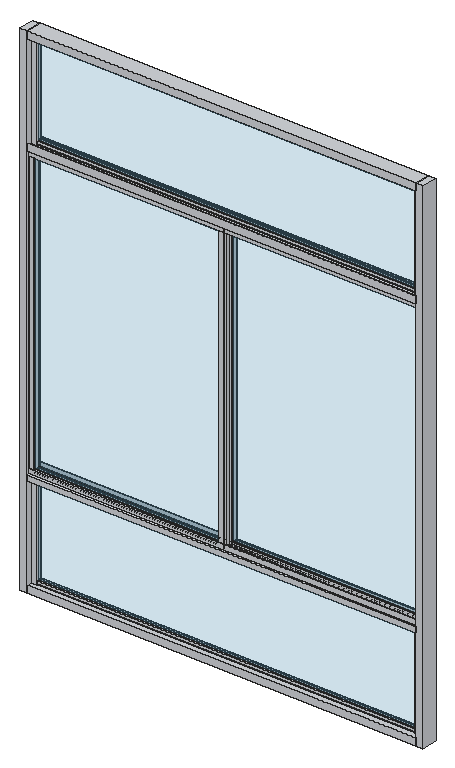
Revit family "MT-VMS_DB-SG_OX WITH HIGHTLITE-LOWLITE", category Windows, host Wall, Revit 2017 (continued)
Definition of nested family "VMS_DB-SG_OX_LOWLITE-HIGHLITE_101mm"
  Definition of nested family "VMS_DB-SG_GLAZED PANEL"
    Definition of nested family "VM62_DOUBLE GLAZE RAIL"
      Lines and regions (mm)
        detail lines, in view "Ref. Level"
          curve 83: line (13.126, -12.64, 0) -> (13.831, -12.64, 0)
          curve 84: line (13.831, -13.45, 0) -> (5.541, -13.45, 0)
          curve 85: line (5.329, -13.362, 0) -> (3.739, -11.772, 0)
          curve 86: line (4.703, -10.803, 0) -> (5.325, -10.775, 0)
          curve 87: line (5.325, -10.775, 0) -> (5.353, -10.153, 0)
          curve 88: line (5.525, -9.46, 0) -> (5.811, -8.965, 0)
          curve 89: line (5.811, -8.965, 0) -> (5.316, -8.679, 0)
          curve 90: line (4.771, -8.134, 0) -> (4.485, -7.639, 0)
          curve 91: line (4.485, -7.639, 0) -> (3.99, -7.925, 0)
          curve 92: line (3.297, -8.097, 0) -> (2.675, -8.125, 0)
          curve 93: line (2.675, -8.125, 0) -> (2.647, -8.747, 0)
          curve 94: line (1.678, -9.711, 0) -> (0.088, -8.121, 0)
          curve 95: line (0, -7.909, 0) -> (0, 7.909, 0)
          curve 96: line (0.088, 8.121, 0) -> (1.678, 9.711, 0)
          curve 97: line (2.647, 8.747, 0) -> (2.675, 8.125, 0)
          curve 98: line (2.675, 8.125, 0) -> (3.297, 8.097, 0)
          curve 99: line (3.99, 7.925, 0) -> (4.485, 7.639, 0)
          curve 100: line (4.485, 7.639, 0) -> (4.771, 8.134, 0)
          curve 101: line (5.316, 8.679, 0) -> (5.811, 8.965, 0)
          curve 102: line (5.811, 8.965, 0) -> (5.525, 9.46, 0)
          curve 103: line (5.353, 10.153, 0) -> (5.325, 10.775, 0)
          curve 104: line (5.325, 10.775, 0) -> (4.703, 10.803, 0)
          curve 105: line (3.739, 11.772, 0) -> (5.329, 13.362, 0)
          curve 106: line (5.541, 13.45, 0) -> (13.831, 13.45, 0)
    Definition of nested family "VMS_V3_SGL_FINE"
      Reference planes
        plane 1 "Center (Front/Back)": y = 0
        plane 2: z = 0
        plane 3 "Center (Left/Right)": x = 0
      Lines and regions (mm)
        model lines, in view "Ref. Level"
          curve 1: arc (27.114, -24.15, 0) -> (27.68, -23.916, 0) -> (27.914, -23.35, 0) r 0.8
          curve 2: arc (27.914, -20.411, 0) -> (27.839, -20.177, 0) -> (27.641, -20.031, 0) r 0.4
          curve 3: arc (26.677, -19.71, 0) -> (26.497, -19.738, 0) -> (26.414, -19.9, 0) r 0.2
          curve 4: arc (25.177, -19.71, 0) -> (24.997, -19.738, 0) -> (24.914, -19.9, 0) r 0.2
          curve 5: arc (23.677, -19.71, 0) -> (23.497, -19.738, 0) -> (23.414, -19.9, 0) r 0.2
          curve 6: arc (22.177, -19.71, 0) -> (21.997, -19.738, 0) -> (21.914, -19.9, 0) r 0.2
          curve 7: arc (21.914, -20.538, 0) -> (21.971, -20.713, 0) -> (22.119, -20.822, 0) r 0.3
          curve 8: arc (23.009, -21.119, 0) -> (23.157, -21.228, 0) -> (23.214, -21.404, 0) r 0.3
          curve 9: arc (23.214, -22.15, 0) -> (23.126, -22.362, 0) -> (22.914, -22.45, 0) r 0.3
          curve 10: arc (14.214, -22.45, 0) -> (14.002, -22.362, 0) -> (13.914, -22.15, 0) r 0.3
          curve 11: arc (13.914, -14.116, 0) -> (13.884, -13.963, 0) -> (13.797, -13.833, 0) r 0.4
          curve 12: arc (13.797, -13.067, 0) -> (13.884, -12.937, 0) -> (13.914, -12.784, 0) r 0.4
          curve 13: arc (13.914, -2.069, 0) -> (14.079, -1.801, 0) -> (14.392, -1.827, 0) r 0.3
          curve 14: arc (14.392, -1.827, 0) -> (20.069, -3.194, 0) -> (25.644, -1.459, 0) r 10.984
          curve 15: arc (25.644, -1.459, 0) -> (26.154, -1.441, 0) -> (26.414, -1.879, 0) r 0.5
          curve 16: arc (26.414, -5.1, 0) -> (26.326, -5.312, 0) -> (26.114, -5.4, 0) r 0.3
          curve 17: arc (22.119, -6.078, 0) -> (21.971, -6.187, 0) -> (21.914, -6.362, 0) r 0.3
          curve 18: arc (21.914, -7, 0) -> (21.997, -7.162, 0) -> (22.177, -7.19, 0) r 0.2
          curve 19: arc (23.414, -7, 0) -> (23.497, -7.162, 0) -> (23.677, -7.19, 0) r 0.2
          curve 20: arc (24.914, -7, 0) -> (24.997, -7.162, 0) -> (25.177, -7.19, 0) r 0.2
          curve 21: arc (26.414, -7, 0) -> (26.497, -7.162, 0) -> (26.677, -7.19, 0) r 0.2
          curve 22: arc (27.641, -6.869, 0) -> (27.839, -6.723, 0) -> (27.914, -6.489, 0) r 0.4
          curve 23: arc (27.914, -0.8, 0) -> (27.68, -0.234, 0) -> (27.114, 0, 0) r 0.8
          curve 24: arc (25.737, 0, 0) -> (25.642, -0.015, 0) -> (25.558, -0.06, 0) r 0.3
          curve 25: arc (25.558, -0.06, 0) -> (19.709, -2, 0) -> (13.86, -0.06, 0) r 9.784
          curve 26: arc (13.86, -0.06, 0) -> (13.776, -0.015, 0) -> (13.681, 0, 0) r 0.3
          curve 27: arc (0.5, 0, 0) -> (0.146, -0.146, 0) -> (0, -0.5, 0) r 0.5
          curve 28: arc (0, -3, 0) -> (0.088, -3.212, 0) -> (0.3, -3.3, 0) r 0.3
          curve 29: arc (0.9, -3.3, 0) -> (1.112, -3.212, 0) -> (1.2, -3, 0) r 0.3
          curve 30: arc (1.2, -1.5, 0) -> (1.288, -1.288, 0) -> (1.5, -1.2, 0) r 0.3
          curve 31: arc (4.7, -1.2, 0) -> (4.912, -1.288, 0) -> (5, -1.5, 0) r 0.3
          curve 32: arc (5, -10.176, 0) -> (4.912, -10.388, 0) -> (4.7, -10.476, 0) r 0.3
          curve 33: arc (3.6, -10.476, 0) -> (3.388, -10.388, 0) -> (3.3, -10.176, 0) r 0.3
          curve 34: arc (3.3, -9.692, 0) -> (3.212, -9.48, 0) -> (3, -9.392, 0) r 0.3
          curve 35: arc (1.5, -9.392, 0) -> (1.288, -9.304, 0) -> (1.2, -9.092, 0) r 0.3
          curve 36: arc (1.2, -7.692, 0) -> (1.112, -7.48, 0) -> (0.9, -7.392, 0) r 0.3
          curve 37: arc (0.3, -7.392, 0) -> (0.088, -7.48, 0) -> (0, -7.692, 0) r 0.3
          curve 38: arc (0, -11.552, 0) -> (0.4, -11.952, 0) -> (0.8, -11.552, 0) r 0.4
          curve 39: arc (2.1, -11.652, 0) -> (2.188, -11.864, 0) -> (2.4, -11.952, 0) r 0.3
          curve 40: arc (2.4, -14.952, 0) -> (2.188, -15.04, 0) -> (2.1, -15.252, 0) r 0.3
          curve 41: arc (0.8, -15.352, 0) -> (0.4, -14.952, 0) -> (0, -15.352, 0) r 0.4
          curve 42: arc (0, -19.208, 0) -> (0.088, -19.42, 0) -> (0.3, -19.508, 0) r 0.3
          curve 43: arc (0.9, -19.508, 0) -> (1.112, -19.42, 0) -> (1.2, -19.208, 0) r 0.3
          curve 44: arc (1.2, -17.808, 0) -> (1.288, -17.596, 0) -> (1.5, -17.508, 0) r 0.3
          curve 45: arc (3, -17.508, 0) -> (3.212, -17.42, 0) -> (3.3, -17.208, 0) r 0.3
          curve 46: arc (3.3, -16.724, 0) -> (3.388, -16.512, 0) -> (3.6, -16.424, 0) r 0.3
          curve 47: arc (4.7, -16.424, 0) -> (4.912, -16.512, 0) -> (5, -16.724, 0) r 0.3
          curve 48: arc (5, -23.3, 0) -> (4.912, -23.512, 0) -> (4.7, -23.6, 0) r 0.3
          curve 49: arc (0.3, -23.6, 0) -> (0.088, -23.688, 0) -> (0, -23.9, 0) r 0.3
          curve 50: arc (0, -26.4, 0) -> (0.146, -26.754, 0) -> (0.5, -26.9, 0) r 0.5
          curve 51: arc (2.102, -26.9, 0) -> (2.385, -26.783, 0) -> (2.502, -26.5, 0) r 0.4
          curve 52: arc (2.502, -26.5, 0) -> (2.385, -26.217, 0) -> (2.102, -26.1, 0) r 0.4
          curve 53: arc (5.902, -26.1, 0) -> (5.619, -26.217, 0) -> (5.502, -26.5, 0) r 0.4
          curve 54: arc (5.502, -26.5, 0) -> (5.619, -26.783, 0) -> (5.902, -26.9, 0) r 0.4
          curve 55: arc (21, -26.9, 0) -> (21.4, -26.52, 0) -> (21.039, -26.102, 0) r 0.4
          curve 56: arc (14.365, -25.441, 0) -> (14.043, -25.279, 0) -> (13.914, -24.944, 0) r 0.5
          curve 57: arc (13.914, -24.65, 0) -> (14.207, -23.943, 0) -> (14.914, -23.65, 0) r 1
          curve 58: arc (8.4, -25.7, 0) -> (8.259, -25.641, 0) -> (8.2, -25.5, 0) r 0.2
          curve 59: arc (8.2, -23.8, 0) -> (8.141, -23.659, 0) -> (8, -23.6, 0) r 0.2
          curve 60: arc (6.5, -23.6, 0) -> (6.288, -23.512, 0) -> (6.2, -23.3, 0) r 0.3
          curve 61: arc (6.2, -16.639, 0) -> (6.261, -16.458, 0) -> (6.419, -16.35, 0) r 0.3
          curve 62: arc (6.419, -16.35, 0) -> (6.899, -16.169, 0) -> (7.342, -15.909, 0) r 3.014
          curve 63: arc (7.342, -15.909, 0) -> (7.404, -15.838, 0) -> (7.426, -15.746, 0) r 0.2
          curve 64: arc (7.426, -14.908, 0) -> (7.145, -14.479, 0) -> (6.64, -14.566, 0) r 0.468
          curve 65: arc (6.64, -14.566, 0) -> (6.369, -14.767, 0) -> (6.06, -14.904, 0) r 1.525
          curve 66: arc (5.14, -14.904, 0) -> (4.813, -14.756, 0) -> (4.529, -14.535, 0) r 1.525
          curve 67: arc (4.124, -13.835, 0) -> (4.075, -13.45, 0) -> (4.124, -13.065, 0) r 1.525
          curve 68: arc (4.529, -12.365, 0) -> (4.813, -12.144, 0) -> (5.14, -11.996, 0) r 1.525
          curve 69: arc (6.06, -11.996, 0) -> (6.369, -12.133, 0) -> (6.64, -12.334, 0) r 1.525
          curve 70: arc (6.64, -12.334, 0) -> (7.145, -12.421, 0) -> (7.426, -11.992, 0) r 0.468
          curve 71: arc (7.426, -11.154, 0) -> (7.404, -11.062, 0) -> (7.342, -10.991, 0) r 0.2
          curve 72: arc (7.342, -10.991, 0) -> (6.899, -10.731, 0) -> (6.419, -10.55, 0) r 3.014
          curve 73: arc (6.419, -10.55, 0) -> (6.261, -10.442, 0) -> (6.2, -10.261, 0) r 0.3
          curve 74: arc (6.2, -1.5, 0) -> (6.288, -1.288, 0) -> (6.5, -1.2, 0) r 0.3
          curve 75: arc (12.312, -1.2, 0) -> (12.453, -1.259, 0) -> (12.512, -1.4, 0) r 0.2
          curve 76: arc (12.512, -25.5, 0) -> (12.453, -25.641, 0) -> (12.312, -25.7, 0) r 0.2
          curve 77: line (14.914, -23.65, 0) -> (23.214, -23.65, 0)
          curve 78: line (23.214, -23.65, 0) -> (25.029, -24.136, 0)
          curve 79: line (25.029, -24.136, 0) -> (27.114, -24.15, 0)
          curve 80: line (27.914, -23.35, 0) -> (27.914, -20.411, 0)
          curve 81: line (27.641, -20.031, 0) -> (26.677, -19.71, 0)
          curve 82: line (26.414, -19.9, 0) -> (26.414, -20.123, 0)
          curve 83: line (26.414, -20.123, 0) -> (25.177, -19.71, 0)
          curve 84: line (24.914, -19.9, 0) -> (24.914, -20.123, 0)
          curve 85: line (24.914, -20.123, 0) -> (23.677, -19.71, 0)
          curve 86: line (23.414, -19.9, 0) -> (23.414, -20.123, 0)
          curve 87: line (23.414, -20.123, 0) -> (22.177, -19.71, 0)
          curve 88: line (21.914, -19.9, 0) -> (21.914, -20.538, 0)
          curve 89: line (22.119, -20.822, 0) -> (23.009, -21.119, 0)
          curve 90: line (23.214, -21.404, 0) -> (23.214, -22.15, 0)
          curve 91: line (22.914, -22.45, 0) -> (14.214, -22.45, 0)
          curve 92: line (13.914, -22.15, 0) -> (13.914, -14.116, 0)
          curve 93: line (13.797, -13.833, 0) -> (13.414, -13.45, 0)
          curve 94: line (13.414, -13.45, 0) -> (13.797, -13.067, 0)
          curve 95: line (13.914, -12.784, 0) -> (13.914, -2.069, 0)
          curve 96: line (26.414, -1.879, 0) -> (26.414, -5.1, 0)
          curve 97: line (26.114, -5.4, 0) -> (24.2, -5.4, 0)
          curve 98: line (24.2, -5.4, 0) -> (22.119, -6.078, 0)
          curve 99: line (21.914, -6.362, 0) -> (21.914, -7, 0)
          curve 100: line (22.177, -7.19, 0) -> (23.414, -6.777, 0)
          curve 101: line (23.414, -6.777, 0) -> (23.414, -7, 0)
          curve 102: line (23.677, -7.19, 0) -> (24.914, -6.777, 0)
          curve 103: line (24.914, -6.777, 0) -> (24.914, -7, 0)
          curve 104: line (25.177, -7.19, 0) -> (26.414, -6.777, 0)
          curve 105: line (26.414, -6.777, 0) -> (26.414, -7, 0)
          curve 106: line (26.677, -7.19, 0) -> (27.641, -6.869, 0)
          curve 107: line (27.914, -6.489, 0) -> (27.914, -0.8, 0)
          curve 108: line (27.114, 0, 0) -> (25.737, 0, 0)
          curve 109: line (13.681, 0, 0) -> (0.5, 0, 0)
          curve 110: line (0, -0.5, 0) -> (0, -3, 0)
          curve 111: line (0.3, -3.3, 0) -> (0.9, -3.3, 0)
          curve 112: line (1.2, -3, 0) -> (1.2, -1.5, 0)
          curve 113: line (1.5, -1.2, 0) -> (4.7, -1.2, 0)
          curve 114: line (5, -1.5, 0) -> (5, -10.176, 0)
          curve 115: line (4.7, -10.476, 0) -> (3.6, -10.476, 0)
          curve 116: line (3.3, -10.176, 0) -> (3.3, -9.692, 0)
          curve 117: line (3, -9.392, 0) -> (1.5, -9.392, 0)
          curve 118: line (1.2, -9.092, 0) -> (1.2, -7.692, 0)
          curve 119: line (0.9, -7.392, 0) -> (0.3, -7.392, 0)
          curve 120: line (0, -7.692, 0) -> (0, -11.552, 0)
          curve 121: line (0.8, -11.552, 0) -> (0.8, -10.452, 0)
          curve 122: line (0.8, -10.452, 0) -> (2.1, -10.452, 0)
          curve 123: line (2.1, -10.452, 0) -> (2.1, -11.652, 0)
          curve 124: line (2.4, -11.952, 0) -> (2.776, -11.952, 0)
          curve 125: line (2.776, -11.952, 0) -> (2.776, -14.952, 0)
          curve 126: line (2.776, -14.952, 0) -> (2.4, -14.952, 0)
          curve 127: line (2.1, -15.252, 0) -> (2.1, -16.452, 0)
          curve 128: line (2.1, -16.452, 0) -> (0.8, -16.452, 0)
          curve 129: line (0.8, -16.452, 0) -> (0.8, -15.352, 0)
          curve 130: line (0, -15.352, 0) -> (0, -19.208, 0)
          curve 131: line (0.3, -19.508, 0) -> (0.9, -19.508, 0)
          curve 132: line (1.2, -19.208, 0) -> (1.2, -17.808, 0)
          curve 133: line (1.5, -17.508, 0) -> (3, -17.508, 0)
          curve 134: line (3.3, -17.208, 0) -> (3.3, -16.724, 0)
          curve 135: line (3.6, -16.424, 0) -> (4.7, -16.424, 0)
          curve 136: line (5, -16.724, 0) -> (5, -23.3, 0)
          curve 137: line (4.7, -23.6, 0) -> (0.3, -23.6, 0)
          curve 138: line (0, -23.9, 0) -> (0, -26.4, 0)
          curve 139: line (0.5, -26.9, 0) -> (2.102, -26.9, 0)
          curve 140: line (2.102, -26.1, 0) -> (1.002, -26.1, 0)
          curve 141: line (1.002, -26.1, 0) -> (1.002, -24.8, 0)
          curve 142: line (1.002, -24.8, 0) -> (7.002, -24.8, 0)
          curve 143: line (7.002, -24.8, 0) -> (7.002, -26.1, 0)
          curve 144: line (7.002, -26.1, 0) -> (5.902, -26.1, 0)
          curve 145: line (5.902, -26.9, 0) -> (21, -26.9, 0)
          curve 146: line (21.039, -26.102, 0) -> (14.365, -25.441, 0)
          curve 147: line (13.914, -24.944, 0) -> (13.914, -24.65, 0)
          curve 148: line (8.2, -25.5, 0) -> (8.2, -23.8, 0)
          curve 149: line (8, -23.6, 0) -> (6.5, -23.6, 0)
          curve 150: line (6.2, -23.3, 0) -> (6.2, -16.639, 0)
          curve 151: line (7.426, -15.746, 0) -> (7.426, -14.908, 0)
          curve 152: line (6.06, -14.904, 0) -> (5.6, -15.324, 0)
          curve 153: line (5.6, -15.324, 0) -> (5.14, -14.904, 0)
          curve 154: line (4.529, -14.535, 0) -> (3.976, -14.387, 0)
          curve 155: line (3.976, -14.387, 0) -> (4.124, -13.835, 0)
          curve 156: line (4.124, -13.065, 0) -> (3.976, -12.513, 0)
          curve 157: line (3.976, -12.513, 0) -> (4.529, -12.365, 0)
          curve 158: line (5.14, -11.996, 0) -> (5.6, -11.576, 0)
          curve 159: line (5.6, -11.576, 0) -> (6.06, -11.996, 0)
          curve 160: line (7.426, -11.992, 0) -> (7.426, -11.154, 0)
          curve 161: line (6.2, -10.261, 0) -> (6.2, -1.5, 0)
          curve 162: line (6.5, -1.2, 0) -> (12.312, -1.2, 0)
          curve 163: line (12.512, -1.4, 0) -> (12.512, -25.5, 0)
          curve 164: line (12.312, -25.7, 0) -> (8.4, -25.7, 0)
    Definition of nested family "VMS_V3_SGL_MEDIUM"
      Reference planes
        plane 1 "Center (Front/Back)": y = 0
        plane 2: z = 0
        plane 3 "Center (Left/Right)": x = 0
      Lines and regions (mm)
        model lines, in view "Ref. Level"
          curve 1: line (13.914, -23.65, 0) -> (27.914, -23.65, 0)
          curve 2: line (27.914, -23.65, 0) -> (27.914, -22.45, 0)
          curve 3: line (27.914, -22.45, 0) -> (13.914, -22.45, 0)
          curve 4: line (13.914, -22.45, 0) -> (13.914, -1.2, 0)
          curve 5: line (26.414, -1.2, 0) -> (26.414, -5.1, 0)
          curve 6: line (27.914, -6.489, 0) -> (27.914, 0, 0)
          curve 7: line (27.914, 0, 0) -> (0, 0, 0)
          curve 8: line (1.002, -1.2, 0) -> (4.73, -1.2, 0)
          curve 9: line (0, 0, 0) -> (0, -26.9, 0)
          curve 10: line (1.002, -25.7, 0) -> (1.002, -1.2, 0)
          curve 11: line (0, -26.9, 0) -> (21.039, -26.9, 0)
          curve 12: line (21.039, -26.102, 0) -> (13.914, -25.397, 0)
          curve 13: line (13.914, -25.397, 0) -> (13.914, -23.65, 0)
          curve 14: line (13.914, -1.2, 0) -> (26.414, -1.2, 0)
          curve 15: line (12.512, -1.2, 0) -> (12.512, -25.7, 0)
          curve 16: line (12.512, -25.7, 0) -> (6.132, -25.7, 0)
          curve 23: line (6.132, -1.2, 0) -> (12.512, -1.2, 0)
          curve 24: line (4.73, -25.7, 0) -> (1.002, -25.7, 0)
        detail lines, in view "Ref. Level"
          curve 17: line (21.039, -26.102, 0) -> (21.039, -26.9, 0)
          curve 18: line (27.914, -6.489, 0) -> (21.583, -6.489, 0)
          curve 19: line (26.414, -5.1, 0) -> (21.583, -5.1, 0)
          curve 20: line (21.583, -6.489, 0) -> (21.583, -5.1, 0)
          curve 21: line (6.132, -25.7, 0) -> (6.132, -1.2, 0)
          curve 22: line (4.73, -1.2, 0) -> (4.73, -25.7, 0)
    Definition of nested family "VMS_VM64_SILL DETAIL_FINE"
      Reference planes
        plane 1 "Center (Front/Back)": y = 0
        plane 2: z = 0
        plane 3 "Center (Left/Right)": x = 0
      Lines and regions (mm)
        model lines, in view "Ref. Level"
          curve 1: arc (4.124, -13.835, 0) -> (4.075, -13.45, 0) -> (4.124, -13.065, 0) r 1.525
          curve 2: arc (4.529, -12.365, 0) -> (4.813, -12.144, 0) -> (5.14, -11.996, 0) r 1.525
          curve 3: arc (6.06, -11.996, 0) -> (6.369, -12.133, 0) -> (6.64, -12.334, 0) r 1.525
          curve 4: arc (6.64, -12.334, 0) -> (7.145, -12.421, 0) -> (7.426, -11.992, 0) r 0.468
          curve 5: arc (7.426, -11.154, 0) -> (7.404, -11.062, 0) -> (7.342, -10.991, 0) r 0.2
          curve 6: arc (7.342, -10.991, 0) -> (6.899, -10.731, 0) -> (6.419, -10.55, 0) r 3.014
          curve 7: arc (6.419, -10.55, 0) -> (6.261, -10.442, 0) -> (6.2, -10.261, 0) r 0.3
          curve 8: arc (6.2, -1.5, 0) -> (6.288, -1.288, 0) -> (6.5, -1.2, 0) r 0.3
          curve 9: arc (12.312, -1.2, 0) -> (12.453, -1.259, 0) -> (12.512, -1.4, 0) r 0.2
          curve 10: arc (12.512, -25.5, 0) -> (12.453, -25.641, 0) -> (12.312, -25.7, 0) r 0.2
          curve 11: arc (8.4, -25.7, 0) -> (8.259, -25.641, 0) -> (8.2, -25.5, 0) r 0.2
          curve 12: arc (8.2, -23.8, 0) -> (8.141, -23.659, 0) -> (8, -23.6, 0) r 0.2
          curve 13: arc (6.5, -23.6, 0) -> (6.288, -23.512, 0) -> (6.2, -23.3, 0) r 0.3
          curve 14: arc (6.2, -16.639, 0) -> (6.261, -16.458, 0) -> (6.419, -16.35, 0) r 0.3
          curve 15: arc (6.419, -16.35, 0) -> (6.899, -16.169, 0) -> (7.342, -15.909, 0) r 3.014
          curve 16: arc (7.342, -15.909, 0) -> (7.404, -15.838, 0) -> (7.426, -15.746, 0) r 0.2
          curve 17: arc (7.426, -14.908, 0) -> (7.145, -14.479, 0) -> (6.64, -14.566, 0) r 0.468
          curve 18: arc (6.64, -14.566, 0) -> (6.369, -14.767, 0) -> (6.06, -14.904, 0) r 1.525
          curve 19: arc (5.14, -14.904, 0) -> (4.813, -14.756, 0) -> (4.529, -14.535, 0) r 1.525
          curve 20: arc (2.1, -11.652, 0) -> (2.188, -11.864, 0) -> (2.4, -11.952, 0) r 0.3
          curve 21: arc (2.4, -14.952, 0) -> (2.188, -15.04, 0) -> (2.1, -15.252, 0) r 0.3
          curve 22: arc (0.8, -15.352, 0) -> (0.4, -14.952, 0) -> (0, -15.352, 0) r 0.4
          curve 23: arc (0, -19.208, 0) -> (0.088, -19.42, 0) -> (0.3, -19.508, 0) r 0.3
          curve 24: arc (0.9, -19.508, 0) -> (1.112, -19.42, 0) -> (1.2, -19.208, 0) r 0.3
          curve 25: arc (1.2, -17.808, 0) -> (1.288, -17.596, 0) -> (1.5, -17.508, 0) r 0.3
          curve 26: arc (3, -17.508, 0) -> (3.212, -17.42, 0) -> (3.3, -17.208, 0) r 0.3
          curve 27: arc (3.3, -16.724, 0) -> (3.388, -16.512, 0) -> (3.6, -16.424, 0) r 0.3
          curve 28: arc (4.7, -16.424, 0) -> (4.912, -16.512, 0) -> (5, -16.724, 0) r 0.3
          curve 29: arc (5, -23.3, 0) -> (4.912, -23.512, 0) -> (4.7, -23.6, 0) r 0.3
          curve 30: arc (0.3, -23.6, 0) -> (0.088, -23.688, 0) -> (0, -23.9, 0) r 0.3
          curve 31: arc (0, -26.4, 0) -> (0.146, -26.753, 0) -> (0.5, -26.9, 0) r 0.5
          curve 32: arc (2.102, -26.9, 0) -> (2.502, -26.5, 0) -> (2.102, -26.1, 0) r 0.4
          curve 33: arc (5.902, -26.1, 0) -> (5.502, -26.5, 0) -> (5.902, -26.9, 0) r 0.4
          curve 34: arc (19.253, -26.9, 0) -> (19.6, -26.57, 0) -> (19.287, -26.207, 0) r 0.347
          curve 35: arc (16.352, -25.917, 0) -> (16.099, -25.719, 0) -> (16.17, -25.406, 0) r 0.3
          curve 36: arc (16.838, -24.738, 0) -> (16.935, -24.673, 0) -> (17.05, -24.65, 0) r 0.3
          curve 37: arc (27.288, -24.95, 0) -> (27.906, -24.424, 0) -> (27.486, -23.73, 0) r 0.626
          curve 38: arc (26.677, -23.46, 0) -> (26.497, -23.488, 0) -> (26.414, -23.65, 0) r 0.2
          curve 39: arc (25.177, -23.46, 0) -> (24.997, -23.488, 0) -> (24.914, -23.65, 0) r 0.2
          curve 40: arc (23.677, -23.46, 0) -> (23.497, -23.488, 0) -> (23.414, -23.65, 0) r 0.2
          curve 41: arc (16.553, -23.45, 0) -> (16.438, -23.473, 0) -> (16.341, -23.538, 0) r 0.3
          curve 42: arc (14.426, -25.452, 0) -> (14.099, -25.517, 0) -> (13.914, -25.24, 0) r 0.3
          curve 43: arc (13.914, -14.116, 0) -> (13.884, -13.963, 0) -> (13.797, -13.833, 0) r 0.4
          curve 44: arc (13.797, -13.067, 0) -> (13.884, -12.937, 0) -> (13.914, -12.784, 0) r 0.4
          curve 45: arc (13.914, -2.069, 0) -> (14.079, -1.801, 0) -> (14.392, -1.827, 0) r 0.3
          curve 46: arc (14.392, -1.827, 0) -> (18.05, -3.074, 0) -> (21.914, -2.976, 0) r 10.984
          curve 47: arc (21.914, -3.233, 0) -> (22.026, -3.412, 0) -> (22.236, -3.391, 0) r 0.2
          curve 48: arc (23.092, -2.731, 0) -> (23.302, -2.71, 0) -> (23.414, -2.889, 0) r 0.2
          curve 49: arc (23.414, -3.233, 0) -> (23.526, -3.412, 0) -> (23.736, -3.391, 0) r 0.2
          curve 50: arc (24.592, -2.731, 0) -> (24.802, -2.71, 0) -> (24.914, -2.889, 0) r 0.2
          curve 51: arc (24.914, -3.233, 0) -> (25.026, -3.412, 0) -> (25.236, -3.391, 0) r 0.2
          curve 52: arc (26.092, -2.731, 0) -> (26.302, -2.71, 0) -> (26.414, -2.889, 0) r 0.2
          curve 53: arc (26.414, -3.233, 0) -> (26.496, -3.394, 0) -> (26.674, -3.423, 0) r 0.2
          curve 54: arc (27.634, -3.121, 0) -> (27.837, -2.976, 0) -> (27.914, -2.739, 0) r 0.4
          curve 55: arc (27.914, -0.8, 0) -> (27.68, -0.234, 0) -> (27.114, 0, 0) r 0.8
          curve 56: arc (25.737, 0, 0) -> (25.642, -0.015, 0) -> (25.558, -0.06, 0) r 0.3
          curve 57: arc (25.558, -0.06, 0) -> (19.709, -2, 0) -> (13.86, -0.06, 0) r 9.784
          curve 58: arc (13.86, -0.06, 0) -> (13.776, -0.015, 0) -> (13.681, 0, 0) r 0.3
          curve 59: arc (0.5, 0, 0) -> (0.146, -0.146, 0) -> (0, -0.5, 0) r 0.5
          curve 60: arc (0, -3, 0) -> (0.088, -3.212, 0) -> (0.3, -3.3, 0) r 0.3
          curve 61: arc (0.9, -3.3, 0) -> (1.112, -3.212, 0) -> (1.2, -3, 0) r 0.3
          curve 62: arc (1.2, -1.5, 0) -> (1.288, -1.288, 0) -> (1.5, -1.2, 0) r 0.3
          curve 63: arc (4.7, -1.2, 0) -> (4.912, -1.288, 0) -> (5, -1.5, 0) r 0.3
          curve 64: arc (5, -10.176, 0) -> (4.912, -10.388, 0) -> (4.7, -10.476, 0) r 0.3
          curve 65: arc (3.6, -10.476, 0) -> (3.388, -10.388, 0) -> (3.3, -10.176, 0) r 0.3
          curve 66: arc (3.3, -9.692, 0) -> (3.212, -9.48, 0) -> (3, -9.392, 0) r 0.3
          curve 67: arc (1.5, -9.392, 0) -> (1.288, -9.304, 0) -> (1.2, -9.092, 0) r 0.3
          curve 68: arc (1.2, -7.692, 0) -> (1.112, -7.48, 0) -> (0.9, -7.392, 0) r 0.3
          curve 69: arc (0.3, -7.392, 0) -> (0.088, -7.48, 0) -> (0, -7.692, 0) r 0.3
          curve 70: arc (0, -11.552, 0) -> (0.4, -11.952, 0) -> (0.8, -11.552, 0) r 0.4
          curve 71: line (4.529, -14.535, 0) -> (3.976, -14.387, 0)
          curve 72: line (3.976, -14.387, 0) -> (4.124, -13.835, 0)
          curve 73: line (4.124, -13.065, 0) -> (3.976, -12.513, 0)
          curve 74: line (3.976, -12.513, 0) -> (4.529, -12.365, 0)
          curve 75: line (5.14, -11.996, 0) -> (5.6, -11.576, 0)
          curve 76: line (5.6, -11.576, 0) -> (6.06, -11.996, 0)
          curve 77: line (7.426, -11.992, 0) -> (7.426, -11.154, 0)
          curve 78: line (6.2, -10.261, 0) -> (6.2, -1.5, 0)
          curve 79: line (6.5, -1.2, 0) -> (12.312, -1.2, 0)
          curve 80: line (12.512, -1.4, 0) -> (12.512, -25.5, 0)
          curve 81: line (12.312, -25.7, 0) -> (8.4, -25.7, 0)
          curve 82: line (8.2, -25.5, 0) -> (8.2, -23.8, 0)
          curve 83: line (8, -23.6, 0) -> (6.5, -23.6, 0)
          curve 84: line (6.2, -23.3, 0) -> (6.2, -16.639, 0)
          curve 85: line (7.426, -15.746, 0) -> (7.426, -14.908, 0)
          curve 86: line (6.06, -14.904, 0) -> (5.6, -15.324, 0)
          curve 87: line (5.6, -15.324, 0) -> (5.14, -14.904, 0)
          curve 88: line (2.4, -11.952, 0) -> (2.776, -11.952, 0)
          curve 89: line (2.776, -11.952, 0) -> (2.776, -14.952, 0)
          curve 90: line (2.776, -14.952, 0) -> (2.4, -14.952, 0)
          curve 91: line (2.1, -15.252, 0) -> (2.1, -16.452, 0)
          curve 92: line (2.1, -16.452, 0) -> (0.8, -16.452, 0)
          curve 93: line (0.8, -16.452, 0) -> (0.8, -15.352, 0)
          curve 94: line (0, -15.352, 0) -> (0, -19.208, 0)
          curve 95: line (0.3, -19.508, 0) -> (0.9, -19.508, 0)
          curve 96: line (1.2, -19.208, 0) -> (1.2, -17.808, 0)
          curve 97: line (1.5, -17.508, 0) -> (3, -17.508, 0)
          curve 98: line (3.3, -17.208, 0) -> (3.3, -16.724, 0)
          curve 99: line (3.6, -16.424, 0) -> (4.7, -16.424, 0)
          curve 100: line (5, -16.724, 0) -> (5, -23.3, 0)
          curve 101: line (4.7, -23.6, 0) -> (0.3, -23.6, 0)
          curve 102: line (0, -23.9, 0) -> (0, -26.4, 0)
          curve 103: line (0.5, -26.9, 0) -> (2.102, -26.9, 0)
          curve 104: line (2.102, -26.1, 0) -> (1.202, -26.1, 0)
          curve 105: line (1.202, -26.1, 0) -> (1.202, -24.8, 0)
          curve 106: line (1.202, -24.8, 0) -> (6.802, -24.8, 0)
          curve 107: line (6.802, -24.8, 0) -> (6.802, -26.1, 0)
          curve 108: line (6.802, -26.1, 0) -> (5.902, -26.1, 0)
          curve 109: line (5.902, -26.9, 0) -> (19.253, -26.9, 0)
          curve 110: line (19.287, -26.207, 0) -> (16.352, -25.917, 0)
          curve 111: line (16.17, -25.406, 0) -> (16.838, -24.738, 0)
          curve 112: line (17.05, -24.65, 0) -> (22.146, -24.65, 0)
          curve 113: line (22.146, -24.65, 0) -> (23.924, -24.95, 0)
          curve 114: line (23.924, -24.95, 0) -> (27.288, -24.95, 0)
          curve 115: line (27.486, -23.73, 0) -> (26.677, -23.46, 0)
          curve 116: line (26.414, -23.65, 0) -> (26.414, -23.872, 0)
          curve 117: line (26.414, -23.872, 0) -> (25.177, -23.46, 0)
          curve 118: line (24.914, -23.65, 0) -> (24.914, -23.872, 0)
          curve 119: line (24.914, -23.872, 0) -> (23.677, -23.46, 0)
          curve 120: line (23.414, -23.761, 0) -> (22.146, -23.45, 0)
          curve 121: line (22.146, -23.45, 0) -> (16.553, -23.45, 0)
          curve 122: line (16.341, -23.538, 0) -> (14.426, -25.452, 0)
          curve 123: line (13.914, -25.24, 0) -> (13.914, -14.116, 0)
          curve 124: line (13.797, -13.833, 0) -> (13.414, -13.45, 0)
          curve 125: line (13.414, -13.45, 0) -> (13.797, -13.067, 0)
          curve 126: line (13.914, -12.784, 0) -> (13.914, -2.069, 0)
          curve 127: line (21.914, -2.976, 0) -> (21.914, -3.233, 0)
          curve 128: line (22.236, -3.391, 0) -> (23.092, -2.731, 0)
          curve 129: line (23.414, -2.889, 0) -> (23.414, -3.233, 0)
          curve 130: line (23.736, -3.391, 0) -> (24.592, -2.731, 0)
          curve 131: line (24.914, -2.889, 0) -> (24.914, -3.233, 0)
          curve 132: line (25.236, -3.391, 0) -> (26.092, -2.731, 0)
          curve 133: line (26.414, -2.889, 0) -> (26.414, -3.233, 0)
          curve 134: line (26.674, -3.423, 0) -> (27.634, -3.121, 0)
          curve 135: line (27.914, -2.739, 0) -> (27.914, -0.8, 0)
          curve 136: line (27.114, 0, 0) -> (25.737, 0, 0)
          curve 137: line (13.681, 0, 0) -> (0.5, 0, 0)
          curve 138: line (0, -0.5, 0) -> (0, -3, 0)
          curve 139: line (0.3, -3.3, 0) -> (0.9, -3.3, 0)
          curve 140: line (1.2, -3, 0) -> (1.2, -1.5, 0)
          curve 141: line (1.5, -1.2, 0) -> (4.7, -1.2, 0)
          curve 142: line (5, -1.5, 0) -> (5, -10.176, 0)
          curve 143: line (4.7, -10.476, 0) -> (3.6, -10.476, 0)
          curve 144: line (3.3, -10.176, 0) -> (3.3, -9.692, 0)
          curve 145: line (3, -9.392, 0) -> (1.5, -9.392, 0)
          curve 146: line (1.2, -9.092, 0) -> (1.2, -7.692, 0)
          curve 147: line (0.9, -7.392, 0) -> (0.3, -7.392, 0)
          curve 148: line (0, -7.692, 0) -> (0, -11.552, 0)
          curve 149: line (0.8, -11.552, 0) -> (0.8, -10.452, 0)
          curve 150: line (0.8, -10.452, 0) -> (2.1, -10.452, 0)
          curve 151: line (2.1, -10.452, 0) -> (2.1, -11.652, 0)
    Definition of nested family "VMS_VM64_SILL DETAIL_MEDIUM"
      Reference planes
        plane 1 "Center (Front/Back)": y = 0
        plane 2: z = 0
        plane 3 "Center (Left/Right)": x = 0
      Lines and regions (mm)
        model lines, in view "Ref. Level"
          curve 1: line (1.202, -1.2, 0) -> (5, -1.2, 0)
          curve 2: line (12.512, -1.2, 0) -> (12.512, -25.7, 0)
          curve 3: line (12.512, -25.7, 0) -> (6.2, -25.7, 0)
          curve 4: line (6.2, -25.7, 0) -> (6.2, -1.2, 0)
          curve 5: line (5, -1.2, 0) -> (5, -25.7, 0)
          curve 6: line (0, 0, 0) -> (0, -26.9, 0)
          curve 7: line (1.202, -25.7, 0) -> (1.202, -1.2, 0)
          curve 8: line (0, -26.9, 0) -> (19.287, -26.9, 0)
          curve 9: line (19.287, -26.207, 0) -> (15.721, -25.854, 0)
          curve 10: line (15.721, -25.854, 0) -> (16.926, -24.65, 0)
          curve 11: line (16.926, -24.65, 0) -> (27.914, -24.65, 0)
          curve 12: line (27.914, -23.45, 0) -> (16.429, -23.45, 0)
          curve 13: line (16.429, -23.45, 0) -> (13.914, -25.965, 0)
          curve 14: line (13.914, -25.965, 0) -> (13.914, -1.2, 0)
          curve 15: line (27.914, -24.65, 0) -> (27.914, -23.45, 0)
          curve 16: line (27.914, 0, 0) -> (0, 0, 0)
          curve 18: line (6.2, -1.2, 0) -> (12.512, -1.2, 0)
          curve 19: line (5, -25.7, 0) -> (1.202, -25.7, 0)
          curve 20: line (27.914, -1.2, 0) -> (27.914, 0, 0)
          curve 21: line (13.914, -1.2, 0) -> (27.914, -1.2, 0)
        detail lines, in view "Ref. Level"
          curve 17: line (19.287, -26.207, 0) -> (19.287, -26.9, 0)
    Definition of nested family "VMS_VM5_SILL DETAIL_FINE"
      Reference planes
        plane 1 "Center (Front/Back)": y = 0
        plane 2: z = 0
        plane 3 "Center (Left/Right)": x = 0
      Lines and regions (mm)
        model lines, in view "Ref. Level"
          curve 1: arc (26.9, 5.9, 0) -> (26.783, 5.617, 0) -> (26.5, 5.5, 0) r 0.4
          curve 2: arc (26.5, 5.5, 0) -> (26.217, 5.617, 0) -> (26.1, 5.9, 0) r 0.4
          curve 3: arc (26.1, 2.1, 0) -> (26.217, 2.383, 0) -> (26.5, 2.5, 0) r 0.4
          curve 4: arc (26.5, 2.5, 0) -> (26.783, 2.383, 0) -> (26.9, 2.1, 0) r 0.4
          curve 5: arc (26.9, 0.5, 0) -> (26.754, 0.146, 0) -> (26.4, 0, 0) r 0.5
          curve 6: arc (23.9, 0, 0) -> (23.688, 0.088, 0) -> (23.6, 0.3, 0) r 0.3
          curve 7: arc (23.6, 4.7, 0) -> (23.512, 4.912, 0) -> (23.3, 5, 0) r 0.3
          curve 8: arc (16.724, 5, 0) -> (16.512, 4.912, 0) -> (16.424, 4.7, 0) r 0.3
          curve 9: arc (16.424, 3.6, 0) -> (16.512, 3.388, 0) -> (16.724, 3.3, 0) r 0.3
          curve 10: arc (17.208, 3.3, 0) -> (17.42, 3.212, 0) -> (17.508, 3, 0) r 0.3
          curve 11: arc (17.508, 1.5, 0) -> (17.596, 1.288, 0) -> (17.808, 1.2, 0) r 0.3
          curve 12: arc (19.208, 1.2, 0) -> (19.42, 1.112, 0) -> (19.508, 0.9, 0) r 0.3
          curve 13: arc (19.508, 0.3, 0) -> (19.42, 0.088, 0) -> (19.208, 0, 0) r 0.3
          curve 14: arc (15.348, 0, 0) -> (14.948, 0.4, 0) -> (15.348, 0.8, 0) r 0.4
          curve 15: arc (15.248, 2.1, 0) -> (15.036, 2.188, 0) -> (14.948, 2.4, 0) r 0.3
          curve 16: arc (11.948, 2.4, 0) -> (11.86, 2.188, 0) -> (11.648, 2.1, 0) r 0.3
          curve 17: arc (11.548, 0.8, 0) -> (11.948, 0.4, 0) -> (11.548, 0, 0) r 0.4
          curve 18: arc (7.692, 0, 0) -> (7.48, 0.088, 0) -> (7.392, 0.3, 0) r 0.3
          curve 19: arc (7.392, 0.9, 0) -> (7.48, 1.112, 0) -> (7.692, 1.2, 0) r 0.3
          curve 20: arc (9.092, 1.2, 0) -> (9.304, 1.288, 0) -> (9.392, 1.5, 0) r 0.3
          curve 21: arc (9.392, 3, 0) -> (9.48, 3.212, 0) -> (9.692, 3.3, 0) r 0.3
          curve 22: arc (10.176, 3.3, 0) -> (10.388, 3.388, 0) -> (10.476, 3.6, 0) r 0.3
          curve 23: arc (10.476, 4.7, 0) -> (10.388, 4.912, 0) -> (10.176, 5, 0) r 0.3
          curve 24: arc (3.6, 5, 0) -> (3.388, 4.912, 0) -> (3.3, 4.7, 0) r 0.3
          curve 25: arc (3.3, 0.3, 0) -> (3.212, 0.088, 0) -> (3, 0, 0) r 0.3
          curve 26: arc (0.5, 0, 0) -> (0.146, 0.146, 0) -> (0, 0.5, 0) r 0.5
          curve 27: arc (0, 2.1, 0) -> (0.117, 2.383, 0) -> (0.4, 2.5, 0) r 0.4
          curve 28: arc (0.4, 2.5, 0) -> (0.683, 2.383, 0) -> (0.8, 2.1, 0) r 0.4
          curve 29: arc (0.8, 5.9, 0) -> (0.683, 5.617, 0) -> (0.4, 5.5, 0) r 0.4
          curve 30: arc (0.4, 5.5, 0) -> (0.117, 5.617, 0) -> (0, 5.9, 0) r 0.4
          curve 31: arc (0, 13.679, 0) -> (0.015, 13.774, 0) -> (0.06, 13.858, 0) r 0.3
          curve 32: arc (0.06, 13.858, 0) -> (2, 19.707, 0) -> (0.06, 25.556, 0) r 9.784
          curve 33: arc (0.06, 25.556, 0) -> (0.015, 25.64, 0) -> (0, 25.735, 0) r 0.3
          curve 34: arc (0, 27.112, 0) -> (0.234, 27.678, 0) -> (0.8, 27.912, 0) r 0.8
          curve 35: arc (6.489, 27.912, 0) -> (6.723, 27.837, 0) -> (6.869, 27.639, 0) r 0.4
          curve 36: arc (7.19, 26.675, 0) -> (7.162, 26.495, 0) -> (7, 26.412, 0) r 0.2
          curve 37: arc (7.19, 25.175, 0) -> (7.162, 24.995, 0) -> (7, 24.912, 0) r 0.2
          curve 38: arc (7.19, 23.675, 0) -> (7.162, 23.495, 0) -> (7, 23.412, 0) r 0.2
          curve 39: arc (7.19, 22.175, 0) -> (7.162, 21.995, 0) -> (7, 21.912, 0) r 0.2
          curve 40: arc (6.362, 21.912, 0) -> (6.187, 21.969, 0) -> (6.078, 22.117, 0) r 0.3
          curve 41: arc (5.4, 26.112, 0) -> (5.312, 26.324, 0) -> (5.1, 26.412, 0) r 0.3
          curve 42: arc (1.879, 26.412, 0) -> (1.441, 26.152, 0) -> (1.459, 25.642, 0) r 0.5
          curve 43: arc (1.459, 25.642, 0) -> (3.194, 20.067, 0) -> (1.827, 14.39, 0) r 10.984
          curve 44: arc (1.827, 14.39, 0) -> (1.801, 14.077, 0) -> (2.069, 13.912, 0) r 0.3
          curve 45: arc (12.784, 13.912, 0) -> (12.937, 13.882, 0) -> (13.067, 13.795, 0) r 0.4
          curve 46: arc (13.833, 13.795, 0) -> (13.963, 13.882, 0) -> (14.116, 13.912, 0) r 0.4
          curve 47: arc (24.831, 13.912, 0) -> (25.099, 14.077, 0) -> (25.073, 14.39, 0) r 0.3
          curve 48: arc (25.073, 14.39, 0) -> (23.706, 20.067, 0) -> (25.441, 25.642, 0) r 10.984
          curve 49: arc (25.441, 25.642, 0) -> (25.459, 26.152, 0) -> (25.021, 26.412, 0) r 0.5
          curve 50: arc (21.8, 26.412, 0) -> (21.588, 26.324, 0) -> (21.5, 26.112, 0) r 0.3
          curve 51: arc (20.822, 22.117, 0) -> (20.713, 21.969, 0) -> (20.538, 21.912, 0) r 0.3
          curve 52: arc (19.9, 21.912, 0) -> (19.738, 21.995, 0) -> (19.71, 22.175, 0) r 0.2
          curve 53: arc (19.9, 23.412, 0) -> (19.738, 23.495, 0) -> (19.71, 23.675, 0) r 0.2
          curve 54: arc (19.9, 24.912, 0) -> (19.738, 24.995, 0) -> (19.71, 25.175, 0) r 0.2
          curve 55: arc (19.9, 26.412, 0) -> (19.738, 26.495, 0) -> (19.71, 26.675, 0) r 0.2
          curve 56: arc (20.031, 27.639, 0) -> (20.177, 27.837, 0) -> (20.411, 27.912, 0) r 0.4
          curve 57: arc (26.1, 27.912, 0) -> (26.666, 27.678, 0) -> (26.9, 27.112, 0) r 0.8
          curve 58: arc (26.9, 25.735, 0) -> (26.885, 25.64, 0) -> (26.84, 25.556, 0) r 0.3
          curve 59: arc (26.84, 25.556, 0) -> (24.9, 19.707, 0) -> (26.84, 13.858, 0) r 9.784
          curve 60: arc (26.84, 13.858, 0) -> (26.885, 13.774, 0) -> (26.9, 13.679, 0) r 0.3
          curve 61: arc (10.55, 6.419, 0) -> (10.731, 6.899, 0) -> (10.991, 7.342, 0) r 3.014
          curve 62: arc (10.991, 7.342, 0) -> (11.062, 7.404, 0) -> (11.154, 7.426, 0) r 0.2
          curve 63: arc (11.992, 7.426, 0) -> (12.421, 7.145, 0) -> (12.334, 6.64, 0) r 0.468
          curve 64: arc (12.334, 6.64, 0) -> (12.133, 6.369, 0) -> (11.996, 6.06, 0) r 1.525
          curve 65: arc (11.996, 5.14, 0) -> (12.144, 4.813, 0) -> (12.365, 4.529, 0) r 1.525
          curve 66: arc (13.065, 4.124, 0) -> (13.45, 4.075, 0) -> (13.835, 4.124, 0) r 1.525
          curve 67: arc (14.535, 4.529, 0) -> (14.756, 4.813, 0) -> (14.904, 5.14, 0) r 1.525
          curve 68: arc (14.904, 6.06, 0) -> (14.767, 6.369, 0) -> (14.566, 6.64, 0) r 1.525
          curve 69: arc (14.566, 6.64, 0) -> (14.479, 7.145, 0) -> (14.908, 7.426, 0) r 0.468
          curve 70: arc (15.746, 7.426, 0) -> (15.838, 7.404, 0) -> (15.909, 7.342, 0) r 0.2
          curve 71: arc (15.909, 7.342, 0) -> (16.169, 6.899, 0) -> (16.35, 6.419, 0) r 3.014
          curve 72: arc (16.35, 6.419, 0) -> (16.458, 6.261, 0) -> (16.639, 6.2, 0) r 0.3
          curve 73: arc (23.3, 6.2, 0) -> (23.512, 6.288, 0) -> (23.6, 6.5, 0) r 0.3
          curve 74: arc (23.6, 8, 0) -> (23.659, 8.141, 0) -> (23.8, 8.2, 0) r 0.2
          curve 75: arc (25.5, 8.2, 0) -> (25.641, 8.259, 0) -> (25.7, 8.4, 0) r 0.2
          curve 76: arc (25.7, 12.312, 0) -> (25.641, 12.453, 0) -> (25.5, 12.512, 0) r 0.2
          curve 77: arc (1.4, 12.512, 0) -> (1.259, 12.453, 0) -> (1.2, 12.312, 0) r 0.2
          curve 78: arc (1.2, 8.4, 0) -> (1.259, 8.259, 0) -> (1.4, 8.2, 0) r 0.2
          curve 79: arc (3.1, 8.2, 0) -> (3.241, 8.141, 0) -> (3.3, 8, 0) r 0.2
          curve 80: arc (3.3, 6.5, 0) -> (3.388, 6.288, 0) -> (3.6, 6.2, 0) r 0.3
          curve 81: line (26.1, 5.9, 0) -> (26.1, 7, 0)
          curve 82: line (26.1, 7, 0) -> (24.8, 7, 0)
          curve 83: line (24.8, 7, 0) -> (24.8, 1, 0)
          curve 84: line (24.8, 1, 0) -> (26.1, 1, 0)
          curve 85: line (26.1, 1, 0) -> (26.1, 2.1, 0)
          curve 86: line (26.9, 2.1, 0) -> (26.9, 0.5, 0)
          curve 87: line (26.4, 0, 0) -> (23.9, 0, 0)
          curve 88: line (23.6, 0.3, 0) -> (23.6, 4.7, 0)
          curve 89: line (23.3, 5, 0) -> (16.724, 5, 0)
          curve 90: line (16.424, 4.7, 0) -> (16.424, 3.6, 0)
          curve 91: line (16.724, 3.3, 0) -> (17.208, 3.3, 0)
          curve 92: line (17.508, 3, 0) -> (17.508, 1.5, 0)
          curve 93: line (17.808, 1.2, 0) -> (19.208, 1.2, 0)
          curve 94: line (19.508, 0.9, 0) -> (19.508, 0.3, 0)
          curve 95: line (19.208, 0, 0) -> (15.348, 0, 0)
          curve 96: line (15.348, 0.8, 0) -> (16.448, 0.8, 0)
          curve 97: line (16.448, 0.8, 0) -> (16.448, 2.1, 0)
          curve 98: line (16.448, 2.1, 0) -> (15.248, 2.1, 0)
          curve 99: line (14.948, 2.4, 0) -> (14.948, 2.776, 0)
          curve 100: line (14.948, 2.776, 0) -> (11.948, 2.776, 0)
          curve 101: line (11.948, 2.776, 0) -> (11.948, 2.4, 0)
          curve 102: line (11.648, 2.1, 0) -> (10.448, 2.1, 0)
          curve 103: line (10.448, 2.1, 0) -> (10.448, 0.8, 0)
          curve 104: line (10.448, 0.8, 0) -> (11.548, 0.8, 0)
          curve 105: line (11.548, 0, 0) -> (7.692, 0, 0)
          curve 106: line (7.392, 0.3, 0) -> (7.392, 0.9, 0)
          curve 107: line (7.692, 1.2, 0) -> (9.092, 1.2, 0)
          curve 108: line (9.392, 1.5, 0) -> (9.392, 3, 0)
          curve 109: line (9.692, 3.3, 0) -> (10.176, 3.3, 0)
          curve 110: line (10.476, 3.6, 0) -> (10.476, 4.7, 0)
          curve 111: line (10.176, 5, 0) -> (3.6, 5, 0)
          curve 112: line (3.3, 4.7, 0) -> (3.3, 0.3, 0)
          curve 113: line (3, 0, 0) -> (0.5, 0, 0)
          curve 114: line (0, 0.5, 0) -> (0, 2.1, 0)
          curve 115: line (0.8, 2.1, 0) -> (0.8, 1, 0)
          curve 116: line (0.8, 1, 0) -> (2.1, 1, 0)
          curve 117: line (2.1, 1, 0) -> (2.1, 7, 0)
          curve 118: line (2.1, 7, 0) -> (0.8, 7, 0)
          curve 119: line (0.8, 7, 0) -> (0.8, 5.9, 0)
          curve 120: line (0, 5.9, 0) -> (0, 13.679, 0)
          curve 121: line (0, 25.735, 0) -> (0, 27.112, 0)
          curve 122: line (0.8, 27.912, 0) -> (6.489, 27.912, 0)
          curve 123: line (6.869, 27.639, 0) -> (7.19, 26.675, 0)
          curve 124: line (7, 26.412, 0) -> (6.777, 26.412, 0)
          curve 125: line (6.777, 26.412, 0) -> (7.19, 25.175, 0)
          curve 126: line (7, 24.912, 0) -> (6.777, 24.912, 0)
          curve 127: line (6.777, 24.912, 0) -> (7.19, 23.675, 0)
          curve 128: line (7, 23.412, 0) -> (6.777, 23.412, 0)
          curve 129: line (6.777, 23.412, 0) -> (7.19, 22.175, 0)
          curve 130: line (7, 21.912, 0) -> (6.362, 21.912, 0)
          curve 131: line (6.078, 22.117, 0) -> (5.415, 24.104, 0)
          curve 132: line (5.415, 24.104, 0) -> (5.4, 26.112, 0)
          curve 133: line (5.1, 26.412, 0) -> (1.879, 26.412, 0)
          curve 134: line (2.069, 13.912, 0) -> (12.784, 13.912, 0)
          curve 135: line (13.067, 13.795, 0) -> (13.45, 13.412, 0)
          curve 136: line (13.45, 13.412, 0) -> (13.833, 13.795, 0)
          curve 137: line (14.116, 13.912, 0) -> (24.831, 13.912, 0)
          curve 138: line (25.021, 26.412, 0) -> (21.8, 26.412, 0)
          curve 139: line (21.5, 26.112, 0) -> (21.5, 24.198, 0)
          curve 140: line (21.5, 24.198, 0) -> (20.822, 22.117, 0)
          curve 141: line (20.538, 21.912, 0) -> (19.9, 21.912, 0)
          curve 142: line (19.71, 22.175, 0) -> (20.123, 23.412, 0)
          curve 143: line (20.123, 23.412, 0) -> (19.9, 23.412, 0)
          curve 144: line (19.71, 23.675, 0) -> (20.123, 24.912, 0)
          curve 145: line (20.123, 24.912, 0) -> (19.9, 24.912, 0)
          curve 146: line (19.71, 25.175, 0) -> (20.123, 26.412, 0)
          curve 147: line (20.123, 26.412, 0) -> (19.9, 26.412, 0)
          curve 148: line (19.71, 26.675, 0) -> (20.031, 27.639, 0)
          curve 149: line (20.411, 27.912, 0) -> (26.1, 27.912, 0)
          curve 150: line (26.9, 27.112, 0) -> (26.9, 25.735, 0)
          curve 151: line (26.9, 13.679, 0) -> (26.9, 5.9, 0)
          curve 152: line (11.154, 7.426, 0) -> (11.992, 7.426, 0)
          curve 153: line (11.996, 6.06, 0) -> (11.576, 5.6, 0)
          curve 154: line (11.576, 5.6, 0) -> (11.996, 5.14, 0)
          curve 155: line (12.365, 4.529, 0) -> (12.513, 3.976, 0)
          curve 156: line (12.513, 3.976, 0) -> (13.065, 4.124, 0)
          curve 157: line (13.835, 4.124, 0) -> (14.387, 3.976, 0)
          curve 158: line (14.387, 3.976, 0) -> (14.535, 4.529, 0)
          curve 159: line (14.904, 5.14, 0) -> (15.324, 5.6, 0)
          curve 160: line (15.324, 5.6, 0) -> (14.904, 6.06, 0)
          curve 161: line (14.908, 7.426, 0) -> (15.746, 7.426, 0)
          curve 162: line (16.639, 6.2, 0) -> (23.3, 6.2, 0)
          curve 163: line (23.6, 6.5, 0) -> (23.6, 8, 0)
          curve 164: line (23.8, 8.2, 0) -> (25.5, 8.2, 0)
          curve 165: line (25.7, 8.4, 0) -> (25.7, 12.312, 0)
          curve 166: line (25.5, 12.512, 0) -> (1.4, 12.512, 0)
          curve 167: line (1.2, 12.312, 0) -> (1.2, 8.4, 0)
          curve 168: line (1.4, 8.2, 0) -> (3.1, 8.2, 0)
          curve 169: line (3.3, 8, 0) -> (3.3, 6.5, 0)
          curve 170: line (3.6, 6.2, 0) -> (10.261, 6.2, 0)
          curve 171: arc (10.261, 6.2, 0) -> (10.442, 6.261, 0) -> (10.55, 6.419, 0) r 0.3
    Definition of nested family "VMS_VM5_SILL DETAIL_MEDIUM"
      Reference planes
        plane 1 "Center (Front/Back)": y = 0
        plane 2: z = 0
        plane 3 "Center (Left/Right)": x = 0
      Lines and regions (mm)
        model lines, in view "Ref. Level"
          curve 1: line (1.2, 1, 0) -> (25.7, 1, 0)
          curve 2: line (26.9, 0, 0) -> (0, 0, 0)
          curve 3: line (25.7, 5, 0) -> (1.2, 5, 0)
          curve 4: line (0, 0, 0) -> (0, 27.912, 0)
          curve 5: line (0, 27.912, 0) -> (6.489, 27.912, 0)
          curve 6: line (6.489, 21.912, 0) -> (5.432, 21.912, 0)
          curve 7: line (5.432, 21.912, 0) -> (5.398, 26.412, 0)
          curve 8: line (5.398, 26.412, 0) -> (1.2, 26.412, 0)
          curve 9: line (1.2, 13.912, 0) -> (25.7, 13.912, 0)
          curve 10: line (25.7, 26.412, 0) -> (21.5, 26.412, 0)
          curve 11: line (21.5, 26.412, 0) -> (21.5, 21.912, 0)
          curve 12: line (21.5, 21.912, 0) -> (20.411, 21.912, 0)
          curve 13: line (20.411, 27.912, 0) -> (26.9, 27.912, 0)
          curve 14: line (26.9, 27.912, 0) -> (26.9, 0, 0)
          curve 15: line (1.2, 6.2, 0) -> (25.7, 6.2, 0)
          curve 16: line (25.7, 1, 0) -> (25.7, 5, 0)
          curve 17: line (25.7, 12.512, 0) -> (1.2, 12.512, 0)
          curve 18: line (1.2, 26.412, 0) -> (1.2, 13.912, 0)
          curve 19: line (1.2, 5, 0) -> (1.2, 1, 0)
          curve 20: line (25.7, 13.912, 0) -> (25.7, 26.412, 0)
          curve 21: line (1.2, 12.512, 0) -> (1.2, 6.2, 0)
          curve 22: line (25.7, 6.2, 0) -> (25.7, 12.512, 0)
        detail lines, in view "Ref. Level"
          curve 23: line (6.489, 27.912, 0) -> (6.489, 21.912, 0)
          curve 24: line (20.411, 27.912, 0) -> (20.411, 21.912, 0)
    Definition of nested family "VMS_VM66_SILL DETAIL_FINE"
      Reference planes
        plane 1 "Center (Front/Back)": y = 0
        plane 2: z = 0
        plane 3 "Center (Left/Right)": x = 0
      Lines and regions (mm)
        model lines, in view "Ref. Level"
          curve 1: arc (11.648, 2.1, 0) -> (11.86, 2.188, 0) -> (11.948, 2.4, 0) r 0.3
          curve 2: arc (14.948, 2.4, 0) -> (15.036, 2.188, 0) -> (15.248, 2.1, 0) r 0.3
          curve 3: arc (15.348, 0.8, 0) -> (14.948, 0.4, 0) -> (15.348, 0, 0) r 0.4
          curve 4: arc (19.208, 0, 0) -> (19.42, 0.088, 0) -> (19.508, 0.3, 0) r 0.3
          curve 5: arc (19.508, 0.9, 0) -> (19.42, 1.112, 0) -> (19.208, 1.2, 0) r 0.3
          curve 6: arc (17.808, 1.2, 0) -> (17.596, 1.288, 0) -> (17.508, 1.5, 0) r 0.3
          curve 7: arc (17.508, 3, 0) -> (17.42, 3.212, 0) -> (17.208, 3.3, 0) r 0.3
          curve 8: arc (16.724, 3.3, 0) -> (16.512, 3.388, 0) -> (16.424, 3.6, 0) r 0.3
          curve 9: arc (16.424, 4.7, 0) -> (16.512, 4.912, 0) -> (16.724, 5, 0) r 0.3
          curve 10: arc (23.3, 5, 0) -> (23.512, 4.912, 0) -> (23.6, 4.7, 0) r 0.3
          curve 11: arc (23.6, 0.3, 0) -> (23.688, 0.088, 0) -> (23.9, 0, 0) r 0.3
          curve 12: arc (26.4, 0, 0) -> (26.753, 0.146, 0) -> (26.9, 0.5, 0) r 0.5
          curve 13: arc (26.9, 2.1, 0) -> (26.5, 2.5, 0) -> (26.1, 2.1, 0) r 0.4
          curve 14: arc (26.1, 5.9, 0) -> (26.5, 5.5, 0) -> (26.9, 5.9, 0) r 0.4
          curve 15: arc (26.9, 13.679, 0) -> (26.885, 13.774, 0) -> (26.84, 13.858, 0) r 0.3
          curve 16: arc (26.84, 13.858, 0) -> (24.9, 19.707, 0) -> (26.84, 25.556, 0) r 9.784
          curve 17: arc (26.84, 25.556, 0) -> (26.885, 25.64, 0) -> (26.9, 25.735, 0) r 0.3
          curve 18: arc (26.9, 27.112, 0) -> (26.666, 27.678, 0) -> (26.1, 27.912, 0) r 0.8
          curve 19: arc (24.161, 27.912, 0) -> (23.924, 27.835, 0) -> (23.779, 27.632, 0) r 0.4
          curve 20: arc (23.477, 26.672, 0) -> (23.506, 26.494, 0) -> (23.667, 26.412, 0) r 0.2
          curve 21: arc (24.011, 26.412, 0) -> (24.19, 26.3, 0) -> (24.169, 26.09, 0) r 0.2
          curve 22: arc (23.509, 25.234, 0) -> (23.488, 25.024, 0) -> (23.667, 24.912, 0) r 0.2
          curve 23: arc (24.011, 24.912, 0) -> (24.19, 24.8, 0) -> (24.169, 24.59, 0) r 0.2
          curve 24: arc (23.509, 23.734, 0) -> (23.488, 23.524, 0) -> (23.667, 23.412, 0) r 0.2
          curve 25: arc (24.011, 23.412, 0) -> (24.19, 23.3, 0) -> (24.169, 23.09, 0) r 0.2
          curve 26: arc (23.509, 22.234, 0) -> (23.488, 22.024, 0) -> (23.667, 21.912, 0) r 0.2
          curve 27: arc (23.924, 21.912, 0) -> (23.826, 18.048, 0) -> (25.073, 14.39, 0) r 10.984
          curve 28: arc (25.073, 14.39, 0) -> (25.099, 14.077, 0) -> (24.831, 13.912, 0) r 0.3
          curve 29: arc (14.116, 13.912, 0) -> (13.963, 13.882, 0) -> (13.833, 13.795, 0) r 0.4
          curve 30: arc (13.067, 13.795, 0) -> (12.937, 13.882, 0) -> (12.784, 13.912, 0) r 0.4
          curve 31: arc (2.069, 13.912, 0) -> (1.801, 14.077, 0) -> (1.827, 14.39, 0) r 0.3
          curve 32: arc (1.827, 14.39, 0) -> (3.074, 18.048, 0) -> (2.976, 21.912, 0) r 10.984
          curve 33: arc (3.233, 21.912, 0) -> (3.412, 22.024, 0) -> (3.391, 22.234, 0) r 0.2
          curve 34: arc (2.731, 23.09, 0) -> (2.71, 23.3, 0) -> (2.889, 23.412, 0) r 0.2
          curve 35: arc (3.233, 23.412, 0) -> (3.412, 23.524, 0) -> (3.391, 23.734, 0) r 0.2
          curve 36: arc (2.731, 24.59, 0) -> (2.71, 24.8, 0) -> (2.889, 24.912, 0) r 0.2
          curve 37: arc (3.233, 24.912, 0) -> (3.412, 25.024, 0) -> (3.391, 25.234, 0) r 0.2
          curve 38: arc (2.731, 26.09, 0) -> (2.71, 26.3, 0) -> (2.889, 26.412, 0) r 0.2
          curve 39: arc (3.233, 26.412, 0) -> (3.394, 26.494, 0) -> (3.423, 26.672, 0) r 0.2
          curve 40: arc (3.121, 27.632, 0) -> (2.976, 27.835, 0) -> (2.739, 27.912, 0) r 0.4
          curve 41: arc (0.8, 27.912, 0) -> (0.234, 27.678, 0) -> (0, 27.112, 0) r 0.8
          curve 42: arc (0, 25.735, 0) -> (0.015, 25.64, 0) -> (0.06, 25.556, 0) r 0.3
          curve 43: arc (0.06, 25.556, 0) -> (2, 19.707, 0) -> (0.06, 13.858, 0) r 9.784
          curve 44: arc (0.06, 13.858, 0) -> (0.015, 13.774, 0) -> (0, 13.679, 0) r 0.3
          curve 45: arc (0, 5.9, 0) -> (0.4, 5.5, 0) -> (0.8, 5.9, 0) r 0.4
          curve 46: arc (0.8, 2.1, 0) -> (0.4, 2.5, 0) -> (0, 2.1, 0) r 0.4
          curve 47: arc (0, 0.5, 0) -> (0.146, 0.146, 0) -> (0.5, 0, 0) r 0.5
          curve 48: arc (3, 0, 0) -> (3.212, 0.088, 0) -> (3.3, 0.3, 0) r 0.3
          curve 49: arc (3.3, 4.7, 0) -> (3.388, 4.912, 0) -> (3.6, 5, 0) r 0.3
          curve 50: arc (10.176, 5, 0) -> (10.388, 4.912, 0) -> (10.476, 4.7, 0) r 0.3
          curve 51: arc (10.476, 3.6, 0) -> (10.388, 3.388, 0) -> (10.176, 3.3, 0) r 0.3
          curve 52: arc (9.692, 3.3, 0) -> (9.48, 3.212, 0) -> (9.392, 3, 0) r 0.3
          curve 53: arc (9.392, 1.5, 0) -> (9.304, 1.288, 0) -> (9.092, 1.2, 0) r 0.3
          curve 54: arc (7.692, 1.2, 0) -> (7.48, 1.112, 0) -> (7.392, 0.9, 0) r 0.3
          curve 55: arc (7.392, 0.3, 0) -> (7.48, 0.088, 0) -> (7.692, 0, 0) r 0.3
          curve 56: arc (11.548, 0, 0) -> (11.948, 0.4, 0) -> (11.548, 0.8, 0) r 0.4
          curve 57: arc (12.365, 4.529, 0) -> (12.144, 4.813, 0) -> (11.996, 5.14, 0) r 1.525
          curve 58: arc (11.996, 6.06, 0) -> (12.133, 6.369, 0) -> (12.334, 6.64, 0) r 1.525
          curve 59: arc (12.334, 6.64, 0) -> (12.421, 7.145, 0) -> (11.992, 7.426, 0) r 0.468
          curve 60: arc (11.154, 7.426, 0) -> (11.062, 7.404, 0) -> (10.991, 7.342, 0) r 0.2
          curve 61: arc (10.991, 7.342, 0) -> (10.731, 6.899, 0) -> (10.55, 6.419, 0) r 3.014
          curve 62: arc (10.55, 6.419, 0) -> (10.442, 6.261, 0) -> (10.261, 6.2, 0) r 0.3
          curve 63: arc (3.6, 6.2, 0) -> (3.388, 6.288, 0) -> (3.3, 6.5, 0) r 0.3
          curve 64: arc (3.3, 8, 0) -> (3.241, 8.141, 0) -> (3.1, 8.2, 0) r 0.2
          curve 65: arc (1.4, 8.2, 0) -> (1.259, 8.258, 0) -> (1.2, 8.4, 0) r 0.2
          curve 66: arc (1.2, 12.312, 0) -> (1.259, 12.453, 0) -> (1.4, 12.512, 0) r 0.2
          curve 67: arc (25.5, 12.512, 0) -> (25.641, 12.453, 0) -> (25.7, 12.312, 0) r 0.2
          curve 68: arc (25.7, 8.4, 0) -> (25.641, 8.258, 0) -> (25.5, 8.2, 0) r 0.2
          curve 69: arc (23.8, 8.2, 0) -> (23.659, 8.141, 0) -> (23.6, 8, 0) r 0.2
          curve 70: arc (23.6, 6.5, 0) -> (23.512, 6.288, 0) -> (23.3, 6.2, 0) r 0.3
          curve 71: arc (16.639, 6.2, 0) -> (16.458, 6.261, 0) -> (16.35, 6.419, 0) r 0.3
          curve 72: arc (16.35, 6.419, 0) -> (16.169, 6.899, 0) -> (15.909, 7.342, 0) r 3.014
          curve 73: arc (15.909, 7.342, 0) -> (15.838, 7.404, 0) -> (15.746, 7.426, 0) r 0.2
          curve 74: arc (14.908, 7.426, 0) -> (14.479, 7.145, 0) -> (14.566, 6.64, 0) r 0.468
          curve 75: arc (14.566, 6.64, 0) -> (14.767, 6.369, 0) -> (14.904, 6.06, 0) r 1.525
          curve 76: arc (14.904, 5.14, 0) -> (14.756, 4.813, 0) -> (14.535, 4.529, 0) r 1.525
          curve 77: arc (13.835, 4.124, 0) -> (13.45, 4.075, 0) -> (13.065, 4.124, 0) r 1.525
          curve 78: line (11.548, 0.8, 0) -> (10.448, 0.8, 0)
          curve 79: line (10.448, 0.8, 0) -> (10.448, 2.1, 0)
          curve 80: line (10.448, 2.1, 0) -> (11.648, 2.1, 0)
          curve 81: line (11.948, 2.4, 0) -> (11.948, 2.776, 0)
